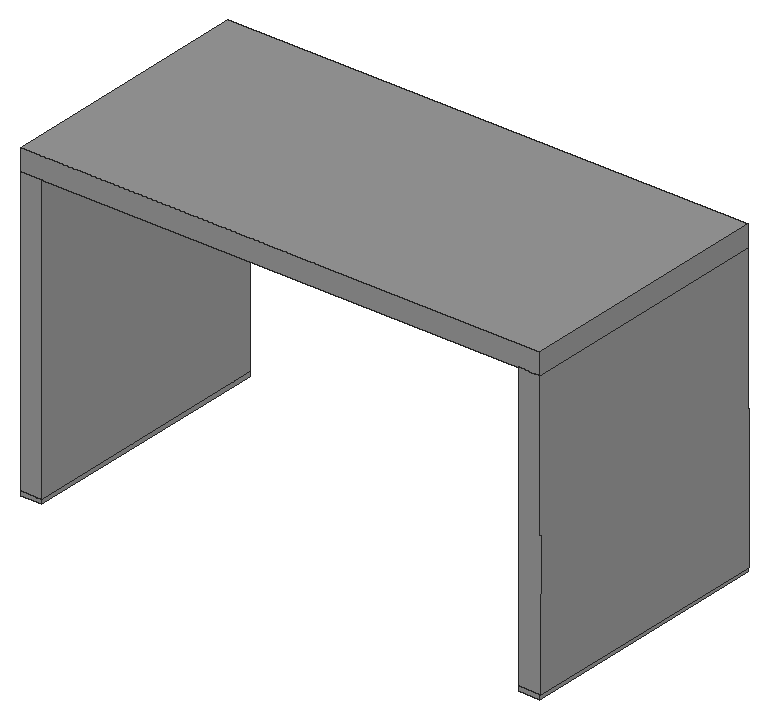
Revit family "Cocoon Community Table 30x60x36", category Generic Models, Revit 2018
Family settings
  Can host rebar = No
  Round Connector Dimension = Use Diameter
  Part Type = Normal
  Work Plane-Based = No
  Always vertical = Yes
  Cut with Voids When Loaded = No
  Shared = No
  Room Calculation Point = No
Parameters
  Frame = Cocoon Community Table 30x60x36 Frame
  Surface = Cocoon Community Table 30x60x36 Surface
Reference planes (in)
  plane 1 "Center (Front/Back)": y = 0
  plane 2: z = 0
  plane 3 "Center (Left/Right)": x = 0
Forms (in)
  Extrusion 1, solid, material "Cocoon Community Table 30x60x36 Frame" <- "Frame"
    sketch origin (0, 0, 0) x (1, 0, 0) y (0, 0, 1)
      loop
        line (-30, 0.5) -> (-30, 0) -> (-27.5, 0) -> (-27.5, 0.5) -> (-30, 0.5)
      loop
        line (30, 0.5) -> (27.5, 0.5) -> (27.5, 0) -> (30, 0) -> (30, 0.5)
    from -15 to 15
  Extrusion 2, solid, material "Cocoon Community Table 30x60x36 Surface" <- "Surface"
    sketch origin (0, 0, 7) x (1, 0, 0) y (0, 0, 1)
      loop
        line (-30, 29) -> (-30, 26.5) -> (30, 26.5) -> (30, 29) -> (-30, 29)
    from -15 to 15
  Extrusion 3, solid, material "Cocoon Community Table 30x60x36 Frame" <- "Frame"
    sketch origin (0, 0, 0) x (1, 0, 0) y (0, 0, 1)
      loop
        line (-30, 33.5) -> (-30, 0.5) -> (-27.5, 0.5) -> (-27.5, 33.5) -> (-30, 33.5)
      loop
        line (27.5, 33.5) -> (27.5, 0.5) -> (30, 0.5) -> (30, 33.5) -> (27.5, 33.5)
    from -15 to 15
Dimensions and locks (in)
  aligned and locked: level to plane 2
